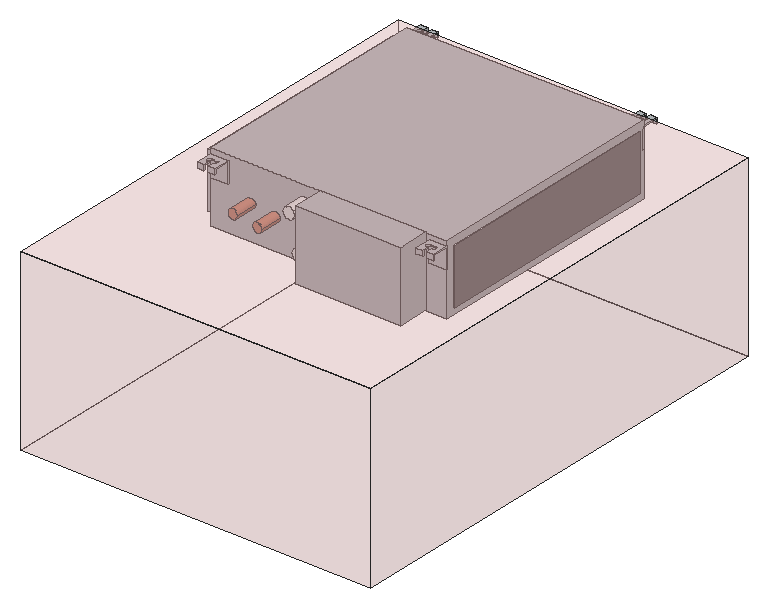
Revit family "PEFY-WP15VMS1-E_Service_Area1", category Mechanical Equipment, host Ceiling, Revit 2012
Parameters (values of type "PEFY-WP15VMS1-E_220V_50Hz")
  Description = "Ceiling concealed"
  Manufacturer = "Mitsubishi Electric Corporation"
  Model = "PEFY-WP15VMS1-E"
  Width = 790 mm
  Water Pipe_radius (To HBC Unit) = 13.2 mm
  Water Pipe_radius (From HBC Unit) = 13.2 mm
  WarrantyStart = ""
  Voltage = 220 V
  Unit Weight (kg) = 19
  URL = "http://www.mitsubishielectric.com/"
  TagNumber = 0
  Subcategory = "HVAC"
  Space View = yes
  Sound Pressure Level_Mid (dB(A)) = 24
  Sound Pressure Level_Low (dB(A)) = 22
  Sound Pressure Level_High (dB(A)) = 28
  SerialNumber = 0
  ReplacementYear = ""
  Protection Device = "Fuse"
  Phase = 1
  Maximum Circuit Ampacity (A) = 0.63
  InstallationDate = ""
  Hertz = 50 Hz
  Height = 200 mm
  Heating Power Input (kW) = 0.03
  Heating Current (A) = 0.33
  Heating Capacity (kW) = 1.9
  Fan_Type = "Sirocco fan"
  Fan_Quantity = 2
  Fan Motor Output (kW) = 0.096
  External_static_pressure (Pa) = "5-15-35-50"
  External Finish = "Galvanized steel plate"
  Equip_description = ""
  Equip_No. = 0
  Equip_ID = ""
  Drain pipe2_radius = 16 mm
  Drain pipe1_radius = 16 mm
  Description = ""
  Depth = 700 mm
  CreatedOn = ""
  CreatedBy = ""
  Cooling Power Input (kW) = 0.05
  Cooling Current (A) = 0.44
  Cooling Capacity (kW) = 1.7
  Category = ""
  Barcode = ""
  AssetIdentifier = ""
  Airflow Rate_Mid (m3/min) = 6
  Airflow Rate_Mid (m3/h) = 360
  Airflow Rate_Low (m3/min) = 5
  Airflow Rate_Low (m3/h) = 300
  Airflow Rate_High (m3/min) = 7
  Airflow Rate_High (m3/h) = 420
Types (6, lengths in mm): name | Voltage | Hertz
  PEFY-WP15VMS1-E_220V_50Hz | 220 V | 50 Hz
  PEFY-WP15VMS1-E_220V_60Hz | 220 V | 60 Hz
  PEFY-WP15VMS1-E_230V_50Hz | 230 V | 50 Hz
  PEFY-WP15VMS1-E_230V_60Hz | 230 V | 60 Hz
  PEFY-WP15VMS1-E_240V_50Hz | 240 V | 50 Hz
  PEFY-WP15VMS1-E_240V_60Hz | 240 V | 60 Hz
Reference planes
  plane 1 "Center (Front/Back)": y = 0
  plane 2: z = 0
  plane 3 "Center (Left/Right)": x = 0
  plane 4 "Ceiling": z = 3750
  plane 5: z = 4050
  plane 6: y = -990
  plane 7: z = 4250
  plane 8: y = -875
  plane 9: y = -350
  plane 10: y = 350
  plane 11: y = 350
  plane 12: z = 4235
  plane 13: x = 325
  plane 14: x = 350
  plane 15: x = -300
  plane 16: x = -350
  plane 17: z = 4230
  plane 18: x = -57
  plane 19: z = 4202
  plane 20: z = 4080
  plane 21: x = -211
  plane 22: x = -141
  plane 23: z = 4148
  plane 24: z = 4138
  plane 25: y = -440
  plane 26: x = 350
Forms (mm)
  Extrusion 1, solid, material "Plated steel"
    sketch origin (88.259, -337.375, 3750) x (1, 0, 0) y (0, 1, 0)
      loop
        line (-415.259, 687.375) -> (-415.259, -12.625) -> (261.741, -12.625) -> (261.741, 687.375) -> (-415.259, 687.375)
    from 300 to 500
  Extrusion 2, solid, material "Service space", visible <- "Space View"
    sketch origin (-2000, 6000, 4050) x (0, 1, 0) y (1, 0, 0)
      loop
        line (-7000, 1650) -> (-5650, 1650) -> (-5650, 2650) -> (-7000, 2650) -> (-7000, 1650)
    from 300 to -210
  Extrusion 3, solid
    sketch origin (0, 0, 0) x (0, 1, 0) y (0, 0, 1)
      loop
        line (-330, 4230) -> (-330, 4071) -> (330, 4071) -> (330, 4230) -> (-330, 4230)
    from 350 to 355
  Extrusion 4, solid
    sketch origin (-350, 0, 4250) x (0, 0, 1) y (0, -1, 0)
      loop
        line (-20, 330) -> (-179, 330) -> (-179, -330) -> (-20, -330) -> (-20, 330)
    from 0 to 23
  Extrusion 5, solid
    sketch origin (794.259, -350, 3750) x (-1, 0, 0) y (0, 0, -1)
      loop
        circle (851.259, -452) r 16
    from 0 to 57
  Extrusion 6, solid
    sketch origin (794.259, -350, 3750) x (-1, 0, 0) y (0, 0, -1)
      loop
        circle (851.259, -330) r 16
    from 0 to 25
  Extrusion 7, solid
    sketch origin (794.259, -350, 3750) x (-1, 0, 0) y (0, 0, -1)
      loop
        line (505.751, -500) -> (805.751, -500) -> (805.751, -300) -> (505.751, -300) -> (505.751, -500)
    from 0 to 90
  Extrusion 8, solid
    sketch origin (794.259, -350, 3750) x (-1, 0, 0) y (0, 0, -1)
      loop
        circle (1005.259, -398) r 13.2
      loop
        circle (935.259, -388) r 13.2
    from 0 to 64
Lines and regions (mm)
  model lines
    curve 1: line (-300, 300, 3750) -> (150, 300, 3750)
    curve 2: line (-300, -150, 3750) -> (-300, 300, 3750)
    curve 3: line (150, -150, 3750) -> (-300, -150, 3750)
    curve 4: line (150, 300, 3750) -> (150, -150, 3750)
    curve 5: line (125, -550, 3750) -> (575, -550, 3750)
    curve 6: line (125, -1000, 3750) -> (125, -550, 3750)
    curve 7: line (575, -1000, 3750) -> (125, -1000, 3750)
    curve 8: line (575, -550, 3750) -> (575, -1000, 3750)
Dimensions and locks
  equal spacing: host sketch curve, plane 3 "Center (Left/Right)", host sketch curve
  equal spacing: host sketch curve, plane 1 "Center (Front/Back)", host sketch curve
  host sketch curve to host sketch curve = 4000 mm  (x2)
  locked: plane 4 "Ceiling" to host ceiling at 0
  Extrusion 1 to Extrusion 1 = 700 mm
  Extrusion 1 to plane 1 "Center (Front/Back)" = 350 mm
  plane 5 to Extrusion 1 = 200 mm
  plane 7 to plane 5 = 200 mm
  Extrusion 1 to plane 8 = 525 mm
  plane 4 "Ceiling" to plane 5 = 300 mm
  Extrusion 1 to Extrusion 1 = 677 mm
  plane 9 to plane 11 = 700 mm
  locked: plane 12 to plane 7 at 15
  locked: plane 17 to plane 7 at 20
  locked: Extrusion 3 to plane 17 at 159
  locked: Extrusion 4 to plane 17 at 159
  plane 7 to plane 19 to plane 20 = 48 mm locked, 122 mm locked
  locked: Extrusion 7 to Extrusion 7 at 200
  plane 7 to plane 23 to plane 24 = 102 mm locked, 10 mm locked
  aligned and locked: plane 5 to Extrusion 1
  aligned and locked: Extrusion 1 to plane 7
  aligned and locked: plane 9 to Extrusion 1
  aligned and locked: plane 11 to Extrusion 1
  aligned and locked: nested 1 to Extrusion 1
  aligned and locked: nested 1 to plane 15
  aligned and locked: nested 1 to plane 12
  aligned and locked: nested 2 to plane 12
  aligned and locked: plane 12 to nested 4
  aligned and locked: plane 12 to nested 3
  aligned and locked: nested 4 to plane 11
  aligned and locked: nested 3 to plane 11
  aligned and locked: Extrusion 3 to plane 17
  aligned and locked: Extrusion 4 to plane 17
  aligned and locked: plane 9 to nested 2
  aligned and locked: plane 19 to Extrusion 5
  aligned and locked: plane 20 to Extrusion 6
  aligned and locked: Extrusion 7 to plane 7
  aligned and locked: plane 23 to Extrusion 8
  aligned and locked: plane 24 to Extrusion 8
Nested families
  nested 1: "LEG" at (-300, -376, 4235), type "LEG_28"
  nested 2: "LEG" at (325, -376, 4235), type "LEG_28"
  nested 3: "LEG" at (-300, 376, 4235), type "LEG_28"
  nested 4: "LEG" at (325, 376, 4235), type "LEG_28"
Connectors
  piping at (-57, -407, 4202), driven by "Drain pipe1_radius"
    settings: on Extrusion 5, index 1, connector radius 16 mm, flow factor 0, pipe flow 0.0 L/s, pressure drop 0.0 Pa, fitting loss kfactor 0, connector angle 0.00°, fixture units 0, engagement length 0 mm, flow configuration 0, flow direction 2, fitting loss method 0, system type 22, joint type 0, gender type 0, connector reference index -1, connector utility 0, adjustable connector no, is connector primary yes, fitting loss table "", connector description "Drain pipe"
  piping at (-57, -375, 4080), driven by "Drain pipe2_radius"
    settings: on Extrusion 6, index 2, connector radius 16 mm, flow factor 0, pipe flow 0.0 L/s, pressure drop 0.0 Pa, fitting loss kfactor 0, connector angle 0.00°, fixture units 0, engagement length 0 mm, flow configuration 0, flow direction 2, fitting loss method 0, system type 22, joint type 0, gender type 0, connector reference index -1, connector utility 0, adjustable connector no, is connector primary no, fitting loss table "", connector description "Drain pipe"
  piping at (-141, -414, 4138)
    settings: on Extrusion 8, index 3, connector radius 13.2 mm, flow factor 0, pipe flow 0.0 L/s, pressure drop 0.0 Pa, fitting loss kfactor 0, connector angle 0.00°, fixture units 0, engagement length 0 mm, flow configuration 0, flow direction 1, fitting loss method 0, system type 22, joint type 0, gender type 0, connector reference index -1, connector utility 0, adjustable connector no, is connector primary no, fitting loss table "", connector description "Water pipe(From HBC unit)"
  piping at (-211, -414, 4148)
    settings: on Extrusion 8, index 4, connector radius 13.2 mm, flow factor 0, pipe flow 0.0 L/s, pressure drop 0.0 Pa, fitting loss kfactor 0, connector angle 0.00°, fixture units 0, engagement length 0 mm, flow configuration 0, flow direction 2, fitting loss method 0, system type 22, joint type 0, gender type 0, connector reference index -1, connector utility 0, adjustable connector no, is connector primary no, fitting loss table "", connector description "Water pipe(To HBC unit)"
  hvac at (355, 0, 4150.5)
    settings: on Extrusion 3, index 5, duct flow 0.0 L/s, flow factor 0, pres drop 0.0 Pa, loss coef 0, conn angle 0.00°, conn width 660 mm, conn height 160 mm, conn radius 304.8 mm, duct sys type 1, conn prof type 1, flow config 0, flow direction 1, loss method 0, conn ref index -1, conn util no, is conn primary yes, conn desc "Air inlet"
  hvac at (-350, 0, 4150.5)
    settings: on Extrusion 4, index 6, duct flow 0.0 L/s, flow factor 0, pres drop 0.0 Pa, loss coef 0, conn angle 0.00°, conn width 660 mm, conn height 150 mm, conn radius 304.8 mm, duct sys type 3, conn prof type 1, flow config 0, flow direction 2, loss method 0, conn ref index -1, conn util no, is conn primary no, conn desc "Air outlet"
  electrical at (288.508, -395, 4150), driven by "Voltage", driven by "Phase"
    settings: on Extrusion 7, index 7, voltage 220 V, apparent load 0 VA, apparent load phase1 0 VA, apparent load phase2 0 VA, apparent load phase3 0 VA, power factor 1, load classification "Other", number of poles 1, system type 30, power factor state 1, is connector primary yes, connector utility no, sub classification motor no, connector description ""
Definition of nested family "LEG"
  Parameters (values of type "LEG_28")
    product distance = 28 mm
  Reference planes
    plane 1 "中心(正面/背面)": y = 0
    plane 2: z = 0
    plane 3 "中心(左/右)": x = 0
    plane 4: x = -25
    plane 5: x = 25
    plane 6: y = -23
    plane 7: y = 28
    plane 8: x = -8
    plane 9: x = 8
    plane 10: x = -6
    plane 11: x = 6
  Forms (mm)
    Extrusion 1, solid, material "Plated steel"
      sketch origin (0, 0, 0) x (1, 0, 0) y (0, 1, 0)
        loop
          line (-25, 26) -> (-25, -23) -> (25, -23) -> (25, 26) -> (-25, 26)
      from 0 to -60
    Extrusion 2, void
      sketch origin (0, 0, 0) x (0, 1, 0) y (0, 0, 1)
        loop
          line (-20.7, -2.3) -> (-20.7, -15) -> (-23, -15) -> (-23, -60) -> (24, -60) -> (24, -2.3) -> (-20.7, -2.3)
      from -25 to 25
    Extrusion 3, void
      sketch origin (0, 0, 0) x (1, 0, 0) y (0, 1, 0)
        loop
          arc (-8, 7) -> (-15, 0) -> (-8, -7) r 7
          line (-8, -7) -> (-6, -7) -> (-6, -23) -> (6, -23) -> (6, -7) -> (8, -7)
          arc (8, -7) -> (15, 0) -> (8, 7) r 7
          line (8, 7) -> (-8, 7)
      from 0 to -60
  Cuts and joins
    Extrusion 2, Extrusion 3 cuts Extrusion 1
  Dimensions and locks
    locked: Extrusion 1 sketch curve to Extrusion 1 sketch curve at 50
    equal spacing: Extrusion 1 sketch curve, plane 3 "中心(左/右)", Extrusion 1 sketch curve
    locked: plane 6 to plane 1 "中心(正面/背面)" at 23
    "product distance": plane 1 "中心(正面/背面)" to plane 7
    plane 7 to Extrusion 2 sketch curve = 4 mm
    locked: cut or joined group of Extrusion 1, Extrusion 2, Extrusion 3 to cut or joined group of Extrusion 1, Extrusion 2, Extrusion 3 at 2.3  (x2)
    aligned and locked: level to plane 2
    aligned and locked: Extrusion 2 to Extrusion 1
    aligned and locked: Extrusion 1 to Extrusion 2
    aligned and locked: Extrusion 2 sketch curve to cut or joined group of Extrusion 1, Extrusion 2, Extrusion 3  (x2)
    aligned and locked: cut or joined group of Extrusion 1, Extrusion 2, Extrusion 3 to Extrusion 3 sketch curve
    aligned and locked: plane 6 to Extrusion 1 sketch curve
  Automatic sketch dimensions
    Extrusion 2 sketch curve to plane 6 = 2.3 mm
    Extrusion 2 sketch curve to level = 15 mm
    Extrusion 2 sketch curve to level = 2.3 mm
    plane 1 "中心(正面/背面)" to Extrusion 3 sketch curve = 0 mm  (x2)
    Extrusion 3 sketch curve to plane 8 = 0 mm
    Extrusion 3 sketch curve to plane 10 = 0 mm
    Extrusion 3 sketch curve to plane 11 = 0 mm
    Extrusion 3 sketch curve to plane 9 = 0 mm  (x2)
    plane 1 "中心(正面/背面)" to Extrusion 3 sketch curve = 7 mm
    plane 7 to Extrusion 1 sketch curve = 2 mm
